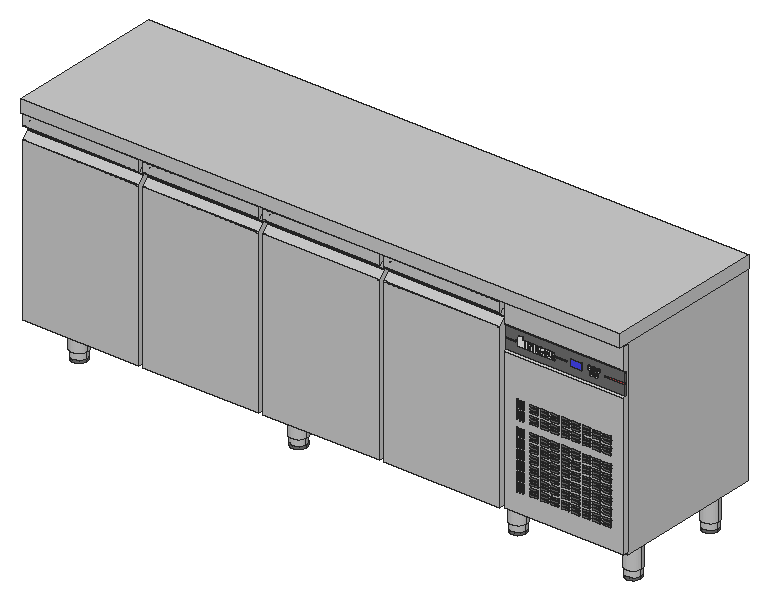
Revit family "QF_INOMAK_PMRP9999_250528093421", category Specialty Equipment, Revit 2021 (continued)
Definition of nested family "QF_INOMAK_REF_COUNTERS_DOORS_DRAWERS_35614"
  Definition of nested family "4_Drawers_1-4"
    Automatic sketch dimensions
      plane 7 "Front legs" to Extrusion 5 sketch curve = 10 mm
      Extrusion 5 sketch curve to Extrusion 5 sketch curve = 7 mm
      plane 7 "Front legs" to Extrusion 5 sketch curve = 20 mm  (x2)
      Extrusion 5 sketch curve to Extrusion 5 sketch curve = 46.156 mm
      Extrusion 5 sketch curve to Extrusion 5 sketch curve = 15 mm
      Extrusion 5 sketch curve to Extrusion 5 sketch curve = 5.012 mm
      Extrusion 6 sketch curve to Extrusion 6 sketch curve = 0 mm  (x2)
      Extrusion 6 sketch curve to plane 7 "Front legs" = 0 mm
      plane 7 "Front legs" to Extrusion 6 sketch curve = 3 mm
      plane 7 "Front legs" to Extrusion 6 sketch curve = 3.461 mm
      plane 7 "Front legs" to Extrusion 6 sketch curve = 10 mm
      Extrusion 6 sketch curve to Extrusion 6 sketch curve = 7 mm
      plane 7 "Front legs" to Extrusion 6 sketch curve = 20 mm  (x2)
      Extrusion 6 sketch curve to Extrusion 6 sketch curve = 46.156 mm
      Extrusion 6 sketch curve to Extrusion 6 sketch curve = 15 mm
      Extrusion 6 sketch curve to Extrusion 6 sketch curve = 5.012 mm
      curve 14 to plane 11 "Right panel" = 0 mm
      curve 8 to plane 11 "Right panel" = 0 mm
      curve 2 to plane 11 "Right panel" = 0 mm
      curve 21 to plane 11 "Right panel" = 0 mm
      curve 20 to plane 10 "Left panel" = 0 mm
      curve 23 to plane 5 "Front" = 0 mm
      curve 24 to plane 5 "Front" = 0 mm
      curve 21 to plane 5 "Front" = 105 mm
      curve 20 to curve 21 = 40 mm
      curve 3 to curve 20 = 100 mm
      curve 3 to curve 3 = 40 mm
      curve 10 to curve 1 = 100 mm
      curve 9 to curve 9 = 40 mm
      curve 15 to curve 8 = 100 mm
      curve 15 to curve 15 = 40 mm
      plane 11 "Right panel" to curve 24 = 30 mm
      curve 8 to curve 17 = 30 mm
      curve 11 to curve 17 = 0 mm
      curve 23 to plane 10 "Left panel" = 30 mm
      curve 12 to curve 6 = 0 mm
      curve 18 to curve 12 = 0 mm
      Extrusion 4 sketch curve to Extrusion 4 sketch curve = 0 mm  (x2)
      plane 19 to Extrusion 4 sketch curve = 0 mm
      Extrusion 4 sketch curve to plane 7 "Front legs" = 0 mm  (x2)
      plane 7 "Front legs" to Extrusion 4 sketch curve = 3 mm
      plane 7 "Front legs" to Extrusion 4 sketch curve = 3.461 mm
      plane 7 "Front legs" to Extrusion 4 sketch curve = 10 mm
      Extrusion 4 sketch curve to Extrusion 4 sketch curve = 7 mm
      plane 7 "Front legs" to Extrusion 4 sketch curve = 20 mm  (x2)
      Extrusion 4 sketch curve to Extrusion 4 sketch curve = 46.156 mm
      Extrusion 4 sketch curve to Extrusion 4 sketch curve = 15 mm
      Extrusion 4 sketch curve to Extrusion 4 sketch curve = 5.012 mm
      Extrusion 7 sketch curve to plane 10 "Left panel" = 0 mm
      Extrusion 7 sketch curve to plane 11 "Right panel" = 0 mm
      Extrusion 7 sketch curve to plane 7 "Front legs" = 0 mm
      Extrusion 7 sketch curve to plane 5 "Front" = 565 mm
      Extrusion 8 sketch curve to plane 10 "Left panel" = 0 mm
      Extrusion 8 sketch curve to plane 11 "Right panel" = 0 mm
      Extrusion 8 sketch curve to plane 7 "Front legs" = 0 mm
      Extrusion 8 sketch curve to plane 5 "Front" = 565 mm
      curve 6 to plane 10 "Left panel" = 30 mm
      curve 5 to curve 24 = 0 mm
  Definition of nested family "Hinged_Doors"
    Parameters (values of type "Hinged doors")
      URL = "www.specifiglobal.com"
      Top inset [instance] = 4 mm
      Right panel thickness [instance] = 35 mm
      Rear inset [instance] = 10 mm
      Plinth height [instance] = 150 mm
      Model = ""
      Manufacturer = "DEMO CONSULTANT"
      Length Actual [instance] = 1200 mm
      Left panel thickness [instance] = 35 mm
      Hinged doors [instance] = Doors drawers type = 3  # yes
      Height Actual [instance] = 900 mm
      Front inset [instance] = 10 mm
      Finish [instance] = none
      Doors drawers type [instance] = 3
      Description = ""
      Depth Actual [instance] = 700 mm
      Default Elevation = 0 mm
      Bottom inset [instance] = 4 mm
      Assembly Code = "E1090320"
    Reference planes
      plane 1 "Back": y = 0
      plane 2: z = 0
      plane 3 "Left": x = 0
      plane 4 "Right": x = 1200
      plane 5 "Front": y = -700
      plane 6 "Top": z = 1050
      plane 7 "Front legs": y = -690
      plane 8 "Legs top": z = 150
      plane 9 "Backsplash thickness": y = -10
      plane 10: x = 35
      plane 11: x = 1165
      plane 12 "Center Left-Right": x = 600
      plane 13: x = 597.5
      plane 14: x = 602.5
      plane 15: z = 154
      plane 16: z = 1046
    Forms (mm)
      Extrusion 1, solid, material <- "Finish", visible <- "Hinged doors"
        sketch origin (35, -2307.849, 4000) x (0, -1, 0) y (0, 0, 1)
          loop
            line (-1627.849, -2954) -> (-1637.849, -2954) -> (-1637.849, -3846) -> (-1617.849, -3846) -> (-1617.849, -3010.156)
            arc (-1617.849, -3010.156) -> (-1618.734, -3004.272) -> (-1621.31, -2998.91) r 20
            line (-1621.31, -2998.91) -> (-1634.849, -2979) -> (-1634.849, -2957) -> (-1627.849, -2957)
            arc (-1627.849, -2957) -> (-1622.899, -2959.05) -> (-1620.849, -2964) r 7
            line (-1620.849, -2964) -> (-1620.849, -2969.012) -> (-1617.849, -2969.012) -> (-1617.849, -2964)
            arc (-1617.849, -2964) -> (-1620.778, -2956.929) -> (-1627.849, -2954) r 10
        from 0 to -562.5
      Extrusion 2, solid, visible <- "Hinged doors", detail levels coarse
        sketch origin (0, -700, 154) x (-1, 0, 0) y (0, 1, 0)
          loop
            line (-35, 10) -> (-597.5, 10)
            arc (-597.5, 10) -> (-432.748, -387.748) -> (-35, -552.5) r 562.5
            line (-35, -552.5) -> (-35, 10)
        from 0 to -892
      Extrusion 3, solid, material <- "Finish", visible <- "Hinged doors"
        sketch origin (1165, -2312.576, 4000) x (0, -1, 0) y (0, 0, 1)
          loop
            line (-1632.576, -2954) -> (-1642.576, -2954) -> (-1642.576, -3846) -> (-1622.576, -3846) -> (-1622.576, -3010.156)
            arc (-1622.576, -3010.156) -> (-1623.46, -3004.272) -> (-1626.037, -2998.91) r 20
            line (-1626.037, -2998.91) -> (-1639.576, -2979) -> (-1639.576, -2957) -> (-1632.576, -2957)
            arc (-1632.576, -2957) -> (-1627.626, -2959.05) -> (-1625.576, -2964) r 7
            line (-1625.576, -2964) -> (-1625.576, -2969.012) -> (-1622.576, -2969.012) -> (-1622.576, -2964)
            arc (-1622.576, -2964) -> (-1625.504, -2956.929) -> (-1632.576, -2954) r 10
        from 0 to 562.5
      Extrusion 4, solid, visible <- "Hinged doors", detail levels coarse
        sketch origin (0, -700, 154) x (-1, 0, 0) y (0, 1, 0)
          loop
            line (-1165, 10) -> (-1165, -552.5)
            arc (-1165, -552.5) -> (-767.252, -387.748) -> (-602.5, 10) r 562.5
            line (-602.5, 10) -> (-1165, 10)
        from 0 to -892
    Lines and regions (mm)
      symbolic lines, visible <- "Hinged doors"
        curve 1: line (35, -700, 150) -> (35, -1252.5, 150)
        curve 2: arc (35, -1252.5, 150) -> (429.196, -1091.268, 150) -> (597.411, -700, 150) r 562.5
        curve 3: arc (602.589, -700, 150) -> (770.804, -1091.268, 150) -> (1165, -1252.5, 150) r 562.5
        curve 4: line (1165, -1252.5, 150) -> (1165, -700, 150)
    Dimensions and locks
      "Length Actual": plane 3 "Left" to plane 4 "Right"
      "Depth Actual": plane 5 "Front" to plane 1 "Back"
      "Height Actual": plane 6 "Top" to plane 8 "Legs top"
      "Front inset": plane 7 "Front legs" to plane 5 "Front"
      "Plinth height": plane 8 "Legs top" to plane 2
      "Rear inset": plane 9 "Backsplash thickness" to plane 1 "Back"
      "Right panel thickness": plane 11 to plane 4 "Right"
      "Left panel thickness": plane 3 "Left" to plane 10
      equal spacing: plane 10, plane 12 "Center Left-Right", plane 11
      plane 13 to plane 12 "Center Left-Right" = 2.5 mm
      plane 12 "Center Left-Right" to plane 14 = 2.5 mm
      "Bottom inset": plane 15 to plane 8 "Legs top"
      "Top inset": plane 16 to plane 6 "Top"
      aligned and locked: level to plane 2
      aligned and locked: Extrusion 1 to plane 13
      aligned and locked: plane 10 to Extrusion 2 sketch curve
      aligned and locked: plane 13 to Extrusion 2 sketch curve
      aligned and locked: plane 7 "Front legs" to Extrusion 2 sketch curve  (x2)
      aligned and locked: plane 14 to Extrusion 3
      aligned and locked: Extrusion 2 to curve 1
      aligned and locked: curve 2 to Extrusion 2
      aligned and locked: curve 3 to Extrusion 4
      aligned and locked: curve 4 to Extrusion 4
      aligned and locked: plane 5 "Front" to curve 1
      aligned and locked: plane 5 "Front" to curve 2
      aligned and locked: plane 5 "Front" to curve 3
      aligned and locked: plane 5 "Front" to curve 4
      aligned and locked: Extrusion 4 to plane 16
      aligned and locked: Extrusion 2 to plane 16
      aligned and locked: Extrusion 1 sketch curve to plane 16
      aligned and locked: Extrusion 1 sketch curve to plane 15
      aligned and locked: Extrusion 3 sketch curve to plane 15
      aligned and locked: Extrusion 3 sketch curve to plane 16
    Automatic sketch dimensions
      Extrusion 1 sketch curve to Extrusion 1 sketch curve = 0 mm  (x2)
      Extrusion 1 sketch curve to plane 7 "Front legs" = 0 mm  (x2)
      plane 7 "Front legs" to Extrusion 1 sketch curve = 3 mm
      plane 7 "Front legs" to Extrusion 1 sketch curve = 3.461 mm
      plane 7 "Front legs" to Extrusion 1 sketch curve = 10 mm
      Extrusion 1 sketch curve to Extrusion 1 sketch curve = 7 mm
      plane 7 "Front legs" to Extrusion 1 sketch curve = 20 mm  (x2)
      Extrusion 1 sketch curve to Extrusion 1 sketch curve = 46.156 mm
      Extrusion 1 sketch curve to Extrusion 1 sketch curve = 15 mm
      Extrusion 1 sketch curve to Extrusion 1 sketch curve = 5.012 mm
      Extrusion 3 sketch curve to Extrusion 3 sketch curve = 0 mm  (x2)
      Extrusion 3 sketch curve to plane 7 "Front legs" = 0 mm  (x2)
      Extrusion 3 sketch curve to Extrusion 3 sketch curve = 3 mm
      plane 7 "Front legs" to Extrusion 3 sketch curve = 3.461 mm
      plane 7 "Front legs" to Extrusion 3 sketch curve = 10 mm
      Extrusion 3 sketch curve to Extrusion 3 sketch curve = 7 mm
      Extrusion 3 sketch curve to Extrusion 3 sketch curve = 16.539 mm
      Extrusion 3 sketch curve to Extrusion 3 sketch curve = 20 mm
      Extrusion 3 sketch curve to Extrusion 3 sketch curve = 46.156 mm
      Extrusion 3 sketch curve to Extrusion 3 sketch curve = 15 mm
      Extrusion 3 sketch curve to Extrusion 3 sketch curve = 5.012 mm
      Extrusion 4 sketch curve to plane 11 = 0 mm
      Extrusion 4 sketch curve to plane 7 "Front legs" = 0 mm
      Extrusion 4 sketch curve to plane 14 = 0 mm
  Definition of nested family "Hopper"
    Parameters (values of type "Hopper")
      URL = "www.specifiglobal.com"
      Top inset [instance] = 4 mm
      Right panel thickness [instance] = 35 mm
      Rear inset [instance] = 10 mm
      Plinth height [instance] = 150 mm
      Model = ""
      Manufacturer = "DEMO CONSULTANT"
      Length Actual [instance] = 700 mm
      Left panel thickness [instance] = 35 mm
      Hopper [instance] = Doors drawers type = 10  # yes
      Height Actual [instance] = 900 mm
      Front inset [instance] = 10 mm
      Finish [instance] = none
      Doors drawers type [instance] = 10
      Description = ""
      Depth Actual [instance] = 700 mm
      Default Elevation = 0 mm
      Bottom inset [instance] = 4 mm
      Assembly Code = "E1090320"
      2 Drawers = yes
    Reference planes
      plane 1 "Back": y = 0
      plane 2: z = 0
      plane 3 "Left": x = 0
      plane 4 "Right": x = 700
      plane 5 "Front": y = -700
      plane 6 "Top": z = 1050
      plane 7 "Front legs": y = -690
      plane 8 "Legs top": z = 150
      plane 9 "Backsplash thickness": y = -10
      plane 10 "Left panel": x = 35
      plane 11 "Right panel": x = 665
      plane 12: z = 1046
      plane 13: z = 154
    Forms (mm)
      Extrusion 1, solid, material <- "Finish", visible <- "Hopper"
        sketch origin (35, 0, 0) x (0, -1, 0) y (0, 0, 1)
          loop
            line (690, 154) -> (690, 960.365)
            arc (690, 960.365) -> (689.866, 961.037) -> (689.485, 961.607) r 1.757
            line (689.485, 961.607) -> (666.663, 984.429)
            arc (666.663, 984.429) -> (665.976, 985.458) -> (665.734, 986.672) r 3.172
            line (665.734, 986.672) -> (665.734, 1013.576)
            arc (665.734, 1013.576) -> (666.433, 1015.262) -> (668.119, 1015.961) r 2.385
            line (668.119, 1015.961) -> (680.029, 1015.961) -> (686.544, 1006.657)
            arc (686.544, 1006.657) -> (688.671, 1005.935) -> (690, 1007.747) r 1.9
            line (690, 1007.747) -> (690, 1046) -> (648, 1046) -> (648, 154) -> (690, 154)
        from 0 to -630
      Extrusion 2, solid, visible <- "Hopper", detail levels coarse
        sketch origin (35, 0, 0) x (0, -1, 0) y (0, 0, 1)
          loop
            line (690, 154) -> (1265, 154) -> (1265, 1046) -> (690, 1046) -> (690, 154)
        from 0 to -630
    Lines and regions (mm)
      symbolic lines, visible <- "Hopper"
        curve 1: line (35, -1225, 900) -> (35, -1265, 900)
        curve 2: line (35, -1265, 900) -> (665, -1265, 900)
        curve 3: line (665, -1265, 900) -> (665, -1225, 900)
        curve 4: line (665, -1225, 900) -> (35, -1225, 900)
        curve 5: line (635, -1225, 900) -> (635, -700, 900)
        curve 6: line (65, -1225, 900) -> (65, -700, 900)
    Dimensions and locks
      "Length Actual": plane 3 "Left" to plane 4 "Right"
      "Depth Actual": plane 5 "Front" to plane 1 "Back"
      "Height Actual": plane 6 "Top" to plane 8 "Legs top"
      "Front inset": plane 7 "Front legs" to plane 5 "Front"
      "Plinth height": plane 8 "Legs top" to plane 2
      "Rear inset": plane 9 "Backsplash thickness" to plane 1 "Back"
      "Right panel thickness": plane 11 "Right panel" to plane 4 "Right"
      "Left panel thickness": plane 3 "Left" to plane 10 "Left panel"
      "Top inset": plane 12 to plane 6 "Top"
      "Bottom inset": plane 13 to plane 8 "Legs top"
      aligned and locked: level to plane 2
      aligned and locked: Extrusion 1 to plane 11 "Right panel"
      aligned and locked: Extrusion 2 to plane 11 "Right panel"
      aligned and locked: plane 10 "Left panel" to Extrusion 2
      aligned and locked: Extrusion 1 sketch curve to plane 12
      aligned and locked: Extrusion 1 sketch curve to Extrusion 2
      aligned and locked: Extrusion 1 sketch curve to plane 13
    Automatic sketch dimensions
      Extrusion 1 sketch curve to Extrusion 1 sketch curve = 17.734 mm
      Extrusion 1 sketch curve to Extrusion 1 sketch curve = 0.929 mm
      Extrusion 1 sketch curve to Extrusion 1 sketch curve = 2.385 mm
      Extrusion 1 sketch curve to Extrusion 1 sketch curve = 3.172 mm
      Extrusion 1 sketch curve to Extrusion 1 sketch curve = 11.91 mm
      Extrusion 1 sketch curve to Extrusion 1 sketch curve = 6.515 mm
      Extrusion 1 sketch curve to Extrusion 1 sketch curve = 1.556 mm
      Extrusion 1 sketch curve to Extrusion 1 sketch curve = 21.58 mm
      Extrusion 1 sketch curve to Extrusion 1 sketch curve = 1.242 mm
      Extrusion 1 sketch curve to Extrusion 1 sketch curve = 1.9 mm
      Extrusion 1 sketch curve to Extrusion 1 sketch curve = 0.515 mm
      Extrusion 1 sketch curve to Extrusion 1 sketch curve = 22.822 mm
      Extrusion 1 sketch curve to Extrusion 1 sketch curve = 19.985 mm
      Extrusion 1 sketch curve to Extrusion 1 sketch curve = 6.919 mm
      Extrusion 1 sketch curve to Extrusion 1 sketch curve = 30.039 mm
      Extrusion 2 sketch curve to plane 7 "Front legs" = 0 mm
      plane 13 to Extrusion 2 sketch curve = 0 mm
      plane 12 to Extrusion 2 sketch curve = 0 mm
      Extrusion 2 sketch curve to plane 5 "Front" = 565 mm
      curve 1 to plane 10 "Left panel" = 0 mm
      curve 2 to plane 11 "Right panel" = 0 mm
      curve 6 to plane 5 "Front" = 0 mm
      curve 5 to plane 5 "Front" = 0 mm
      curve 4 to plane 5 "Front" = 525 mm
      curve 3 to curve 3 = 40 mm
      plane 11 "Right panel" to curve 5 = 30 mm
      curve 6 to plane 10 "Left panel" = 30 mm
Definition of nested family "QF_INOMAK_REF_COUNTERS_WORKTOPS_45085"
  Parameters (values of type "WTWA-1545-700")
    Worktop without backsplash [instance] = Worktop type = 3  # no
    Worktop with backsplash [instance] = Worktop type = 2  # yes
    Worktop type [instance] = 2
    Worktop thickness [instance] = 46 mm
    Without worktop [instance] = or(Worktop type > 3, Worktop type < 2)  # no
    Weight [instance] = 0.00 kg
    Warranty Start Date [instance] = ""
    Warranty Duration [instance] = ""
    URL Cutsheet [instance] = ""
    URL = "www.inomak.com"
    Technical Documentation [instance] = ""
    Tag Number [instance] = ""
    Status [instance] = ""
    Specification by User [instance] = ""
    Specification by Manufacturer [instance] = ""
    Sound Level [instance] = ""
    Solid Fuel Type [instance] = ""
    Show Logo [instance] = yes
    Show Clearances [instance] = yes
    Service Life Duration [instance] = ""
    Serial Number [instance] = ""
    Seismic Rating [instance] = ""
    SMACNA No [instance] = ""
    Revision Code [instance] = ""
    Revision [instance] = ""
    Production Year [instance] = ""
    Point Load [instance] = 0
    Other Equipment Approvals [instance] = ""
    NAFEM Spec ID Number [instance] = ""
    Model Warning [instance] = ""
    Model = "WTWA"
    Masterspec [instance] = ""
    Manufacturer = "INOMAK"
    Length Actual [instance] = 1546 mm
    Item Number [instance] = ""
    Installed By [instance] = ""
    Installation Date [instance] = ""
    Identify Quantity as Lot [instance] = yes
    ID [instance] = ""
    Hygiene Approval [instance] = ""
    Height Actual [instance] = 0 mm
    Height AFF [instance] = 0 mm
    Furnished By [instance] = ""
    Foodservice Equipment Identifier [instance] = yes
    Finish [instance] = none
    ETL Approved [instance] = yes
    Description = "WORKTOP WITH UPSTAND"
    Depth Actual [instance] = 700 mm
    Default Elevation = 0 mm
    CSI MasterFormat [instance] = ""
    CE Approved [instance] = yes
    Barcode [instance] = ""
    Backsplash thickness [instance] = 20 mm
    Backsplash height [instance] = 60 mm
    Author [instance] = ""
    Asset Identifier [instance] = ""
    Assembly Code = "E1090320"
    Accessory [instance] = yes
  Types (40, lengths in mm): name | Worktop without backsplash | Worktop with backsplash | Worktop type | Worktop thickness | Without worktop | Model | Length Actual | Description | Depth Actual
    WTWT-2240-700 | yes | no | 3 | 46 | no | "WTWT" | 2242 | "STANDARD WORKTOP" | 700
    WTWA-2240-700 | no | yes | 2 | 46 | no | "WTWA" | 2242 | "WORKTOP WITH UPSTAND" | 700
    WOWT-2240-700 | no | no | 1 | 46 | yes | "WOWT" | 2242 | "WITHOUT WORKTOP" | 700
    WTWA-1790-700 | no | yes | 2 | 46 | no | "WTWA" | 1792 | "WORKTOP WITH UPSTAND" | 700
    WTWA-1345-700 | no | yes | 2 | 46 | no | "WTWA" | 1342 | "WORKTOP WITH UPSTAND" | 700
    WOWT-1790-700 | no | no | 1 | 46 | yes | "WOWT" | 1792 | "WITHOUT WORKTOP" | 700
    WOWT-1345-700 | no | no | 1 | 46 | yes | "WOWT" | 1342 | "WITHOUT WORKTOP" | 700
    WTWT-1790-700 | yes | no | 3 | 46 | no | "WTWT" | 1792 | "STANDARD WORKTOP" | 700
    WTWT-1345-700 | yes | no | 3 | 46 | no | "WTWT" | 1342 | "STANDARD WORKTOP" | 700
    WTWA-1080-700 | no | yes | 2 | 46 | no | "WTWA" | 1080 | "WORKTOP WITH UPSTAND" | 700
    WTWT-1080-700 | yes | no | 3 | 46 | no | "WTWT" | 1080 | "STANDARD WORKTOP" | 700
    WTWA-1080-700-80 | no | yes | 2 | 80 | no | "WTWA-80" | 1080 | "WORKTOP WITH UPSTAND, 80CM DEEP WORKTOP" | 700
    WTWT-1080-700-80 | yes | no | 3 | 80 | no | "WTWT-80" | 1080 | "WORKTOP WITH 80CM DEEP" | 700
    WOWT-1345-600 | no | no | 1 | 46 | yes | "WOWT" | 1342 | "WITHOUT WORKTOP" | 600
    WOWT-1790-600 | no | no | 1 | 46 | yes | "WOWT" | 1792 | "WITHOUT WORKTOP" | 600
    WOWT-2240-600 | no | no | 1 | 46 | yes | "WOWT" | 2242 | "WITHOUT WORKTOP" | 600
    WTWA-1345-600 | no | yes | 2 | 46 | no | "WTWA" | 1342 | "WORKTOP WITH UPSTAND" | 600
    WTWA-1790-600 | no | yes | 2 | 46 | no | "WTWA" | 1792 | "WORKTOP WITH UPSTAND" | 600
    WTWA-2240-600 | no | yes | 2 | 46 | no | "WTWA" | 2242 | "WORKTOP WITH UPSTAND" | 600
    WTWT-1345-600 | yes | no | 3 | 46 | no | "WTWT" | 1342 | "STANDARD WORKTOP" | 600
    WTWT-1790-600 | yes | no | 3 | 46 | no | "WTWT" | 1792 | "STANDARD WORKTOP" | 600
    WTWT-2240-600 | yes | no | 3 | 46 | no | "WTWT" | 2242 | "STANDARD WORKTOP" | 600
    WOWT-1105-700 | no | no | 1 | 46 | yes | "WOWT" | 1103 | "WITHOUT WORKTOP" | 700
    WTWA-1105-700 | no | yes | 2 | 46 | no | "WTWA" | 1103 | "WORKTOP WITH UPSTAND" | 700
    WTWT-1105-700 | yes | no | 3 | 46 | no | "WTWT" | 1103 | "STANDARD WORKTOP" | 700
    WOWT-1545-700 | no | no | 1 | 46 | yes | "WOWT" | 1546 | "WITHOUT WORKTOP" | 700
    WOWT-1995-700 | no | no | 1 | 46 | yes | "WOWT" | 1996 | "WITHOUT WORKTOP" | 700
    WTWA-1545-700 | no | yes | 2 | 46 | no | "WTWA" | 1546 | "WORKTOP WITH UPSTAND" | 700
    WTWA-1995-700 | no | yes | 2 | 46 | no | "WTWA" | 1996 | "WORKTOP WITH UPSTAND" | 700
    WTWT-1545-700 | yes | no | 3 | 46 | no | "WTWT" | 1546 | "STANDARD WORKTOP" | 700
    WTWT-1995-700 | yes | no | 3 | 46 | no | "WTWT" | 1996 | "STANDARD WORKTOP" | 700
    WTWA-1105-600 | no | yes | 2 | 46 | no | "WTWA" | 1103 | "WORKTOP WITH UPSTAND" | 600
    WTWT-1105-600 | yes | no | 3 | 46 | no | "WTWT" | 1103 | "STANDARD WORKTOP" | 600
    WOWT-1105-600 | no | no | 1 | 46 | yes | "WOWT" | 1103 | "WITHOUT WORKTOP" | 600
    WOWT-1545-600 | no | no | 1 | 46 | yes | "WOWT" | 1546 | "WITHOUT WORKTOP" | 600
    WTWA-1545-600 | no | yes | 2 | 46 | no | "WTWA" | 1546 | "WORKTOP WITH UPSTAND" | 600
    WTWT-1545-600 | yes | no | 3 | 46 | no | "WTWT" | 1546 | "STANDARD WORKTOP" | 600
    WTWT-1995-600 | yes | no | 3 | 46 | no | "WTWT" | 1996 | "STANDARD WORKTOP" | 600
    WTWA-1995-600 | no | yes | 2 | 46 | no | "WTWA" | 1996 | "WORKTOP WITH UPSTAND" | 600
    WOWT-1995-600 | no | no | 1 | 46 | yes | "WOWT" | 1996 | "WITHOUT WORKTOP" | 600
  Reference planes
    plane 1 "Back": y = 0
    plane 2: z = 0
    plane 3 "Left": x = 0
    plane 4 "Right": x = 1546
    plane 5 "Front": y = -700
    plane 6 "Top": z = 46
    plane 7 "Backsplash thickness": y = -20
    plane 8 "Worktop bottom": z = 0
    plane 9 "Upright height": z = 106
    plane 10 "Center Left Right": x = 773
  Lines and regions (mm)
    reference lines
      curve 1: line (773, 0, 106) -> (773, -20, 106)
      curve 2: line (0, -700, 46) -> (1546, -700, 46)
      curve 3: line (1546, -700, 46) -> (1546, 0, 46)
      curve 4: line (0, -700, 46) -> (0, 0, 46)
      curve 5: line (0, 0, 46) -> (1546, 0, 46)
      curve 6: line (773, 0, 0) -> (773, -700, 0)
  Dimensions and locks
    "Length Actual": plane 3 "Left" to plane 4 "Right"
    "Depth Actual": plane 5 "Front" to plane 1 "Back"
    "Backsplash thickness": plane 7 "Backsplash thickness" to plane 1 "Back"
    "Worktop thickness": plane 6 "Top" to plane 8 "Worktop bottom"
    "Backsplash height": plane 9 "Upright height" to plane 6 "Top"
    "Backsplash height": curve 1 to plane 6 "Top"
    "Depth Actual": curve 2 to plane 1 "Back"
    "Length Actual": plane 3 "Left" to curve 3
    "Length Actual": curve 4 to plane 4 "Right"
    "Depth Actual": curve 5 to plane 5 "Front"
    equal spacing: plane 3 "Left", plane 10 "Center Left Right", plane 4 "Right"
    "Height AFF": plane 8 "Worktop bottom" to plane 2
    "Height AFF": curve 6 to plane 2
    aligned and locked: level to plane 2
    aligned and locked: plane 3 "Left" to nested 1
    aligned and locked: plane 1 "Back" to nested 1
  Automatic sketch dimensions
    curve 6 to plane 1 "Back" = 0 mm
    curve 1 to plane 1 "Back" = 0 mm
    curve 1 to plane 7 "Backsplash thickness" = 0 mm
    curve 6 to plane 5 "Front" = 0 mm
  Nested families
    nested 1: "Worktop" at (0, 0, 0), Length Actual <- "Length Actual", Depth Actual <- "Depth Actual", Height AFF <- "Height AFF", Worktop thickness <- "Worktop thickness", Backsplash thickness <- "Backsplash thickness", Backsplash height <- "Backsplash height", type "without backsplash"
      with Worktop thickness 46 mm, Length Actual 1546 mm, Height AFF 0 mm, Depth Actual 700 mm, Backsplash thickness 20 mm, Backsplash height 60 mm, Worktop without backsplash no, Worktop with backsplash yes
  Definition of nested family "Worktop"
    Parameters (values of type "with backsplash")
      Worktop without backsplash = no
      Worktop with backsplash = yes
      Worktop thickness [instance] = 40 mm
      Without worktop = no
      URL = ""
      Model = ""
      Manufacturer = ""
      Length Actual [instance] = 1200 mm
      Height AFF [instance] = 860 mm
      Finish = none
      Description = "TABLE WITH BACKSPLASH"
      Depth Actual [instance] = 700 mm
      Default Elevation = 0 mm
      Backsplash thickness [instance] = 20 mm
      Backsplash height [instance] = 100 mm
      Assembly Code = "E1090320"
    Types (3, lengths in mm): name | Worktop without backsplash | Worktop with backsplash | Without worktop
      with backsplash | no | yes | no
      without backsplash | yes | no | no
      without worktop | no | no | yes
    Reference planes
      plane 1 "Back": y = 0
      plane 2: z = 0
      plane 3 "Left": x = 0
      plane 4 "Right": x = 1200
      plane 5 "Front": y = -700
      plane 6 "Top": z = 900
      plane 7 "Backsplash thickness": y = -20
      plane 8 "Worktop bottom": z = 860
      plane 9 "Upright height": z = 1000
      plane 10 "Center Left Right": x = 600
    Forms (mm)
      Extrusion 1, solid, material <- "Finish", visible <- "Worktop with backsplash"
        sketch origin (0, 0, 0) x (0, 1, 0) y (0, 0, 1)
          loop
            line (0, 1000) -> (-20, 1000) -> (-20, 900) -> (-700, 900) -> (-700, 860) -> (0, 860) -> (0, 1000)
        from 0 to 1200
      Extrusion 2, solid, material <- "Finish", visible <- "Worktop without backsplash"
        sketch origin (0, 0, 0) x (0, 1, 0) y (0, 0, 1)
          loop
            line (0, 860) -> (0, 900) -> (-700, 900) -> (-700, 860) -> (0, 860)
        from 0 to 1200
    Lines and regions (mm)
      Masking region 1, visible <- "Worktop with backsplash"
        outline origin (0, 0, 900) x (0, 1, 0) y (-1, 0, 0)
          loop
            line (0, 0) -> (-700, 0) -> (-700, -1200) -> (0, -1200) -> (0, 0)
      Masking region 2, visible <- "Worktop without backsplash"
        outline origin (0, 0, 900) x (0, 1, 0) y (-1, 0, 0)
          loop
            line (0, 0) -> (-700, 0) -> (-700, -1200) -> (0, -1200) -> (0, 0)
      symbolic lines, visible <- "Worktop with backsplash"
        curve 1: line (0, 0, 0) -> (1200, 0, 0)
        curve 2: line (1200, 0, 0) -> (1200, -700, 0)
        curve 3: line (1200, -700, 0) -> (0, -700, 0)
        curve 4: line (0, -700, 0) -> (0, 0, 0)
        curve 5: line (0, -20, 0) -> (1200, -20, 0)
      symbolic lines, visible <- "Worktop without backsplash"
        curve 6: line (0, 0, 0) -> (1200, 0, 0)
        curve 7: line (1200, 0, 0) -> (1200, -700, 0)
        curve 8: line (1200, -700, 0) -> (0, -700, 0)
        curve 9: line (0, -700, 0) -> (0, 0, 0)
      symbolic lines, visible <- "Without worktop"
        curve 10: line (0, 0, 0) -> (1200, 0, 0)
        curve 11: line (1200, 0, 0) -> (1200, -700, 0)
        curve 12: line (1200, -700, 0) -> (0, -700, 0)
        curve 13: line (0, -700, 0) -> (0, 0, 0)
      reference lines
        curve 14: line (600, 0, 1000) -> (600, -20, 1000)
        curve 15: line (0, -700, 900) -> (1200, -700, 900)
        curve 16: line (1200, -700, 900) -> (1200, 0, 900)
        curve 17: line (0, -700, 900) -> (0, 0, 900)
        curve 18: line (0, 0, 900) -> (1200, 0, 900)
        curve 19: line (600, 0, 860) -> (600, -700, 860)
    Dimensions and locks
      "Length Actual": plane 3 "Left" to plane 4 "Right"
      "Depth Actual": plane 5 "Front" to plane 1 "Back"
      "Backsplash thickness": plane 7 "Backsplash thickness" to plane 1 "Back"
      "Worktop thickness": plane 6 "Top" to plane 8 "Worktop bottom"
      "Backsplash height": plane 9 "Upright height" to plane 6 "Top"
      "Backsplash height": curve 14 to plane 6 "Top"
      "Depth Actual": curve 15 to plane 1 "Back"
      "Length Actual": plane 3 "Left" to curve 16
      "Length Actual": curve 17 to plane 4 "Right"
      "Depth Actual": curve 18 to plane 5 "Front"
      equal spacing: plane 3 "Left", plane 10 "Center Left Right", plane 4 "Right"
      "Height AFF": plane 8 "Worktop bottom" to plane 2
      "Height AFF": curve 19 to plane 2
      aligned and locked: level to plane 2
      aligned and locked: Extrusion 1 to plane 4 "Right"
      aligned and locked: Extrusion 1 sketch curve to plane 7 "Backsplash thickness"
      aligned and locked: curve 5 to plane 7 "Backsplash thickness"
      aligned and locked: Extrusion 1 sketch curve to plane 8 "Worktop bottom"
      aligned and locked: plane 9 "Upright height" to Extrusion 1 sketch curve
      aligned and locked: plane 6 "Top" to Extrusion 1 sketch curve
      aligned and locked: plane 6 "Top" to Extrusion 2 sketch curve
      aligned and locked: Extrusion 2 sketch curve to plane 1 "Back"
      aligned and locked: Extrusion 2 sketch curve to plane 8 "Worktop bottom"
      aligned and locked: Extrusion 2 sketch curve to plane 5 "Front"
      aligned and locked: Extrusion 2 to plane 4 "Right"
      aligned and locked: Masking region 1 sketch curve to Extrusion 1  (x4)
      aligned and locked: Masking region 2 sketch curve to Extrusion 1  (x4)
    Automatic sketch dimensions
      plane 1 "Back" to curve 1 = 0 mm
      curve 13 to plane 3 "Left" = 0 mm
      curve 7 to plane 4 "Right" = 0 mm
      curve 13 to plane 5 "Front" = 0 mm
      Extrusion 1 sketch curve to plane 1 "Back" = 0 mm
      Extrusion 1 sketch curve to plane 5 "Front" = 0 mm
      curve 19 to plane 1 "Back" = 0 mm
      curve 14 to plane 1 "Back" = 0 mm
      curve 14 to plane 7 "Backsplash thickness" = 0 mm
      curve 19 to plane 5 "Front" = 0 mm
      curve 16 to plane 5 "Front" = 0 mm
      curve 17 to plane 5 "Front" = 0 mm
      plane 1 "Back" to curve 17 = 0 mm
      plane 1 "Back" to curve 16 = 0 mm
      curve 15 to plane 4 "Right" = 0 mm
      curve 18 to plane 4 "Right" = 0 mm
      curve 18 to plane 3 "Left" = 0 mm
      curve 15 to plane 3 "Left" = 0 mm
Definition of nested family "QF_INOMAK_REF_COUNTERS_LEGS_46914"
  Parameters (values of type "LG-1790-700")
    Weight [instance] = 0.00 kg
    Warranty Start Date [instance] = ""
    Warranty Duration [instance] = ""
    URL Cutsheet [instance] = ""
    URL = "www.inomak.com"
    Technical Documentation [instance] = ""
    Tag Number [instance] = ""
    Status [instance] = ""
    Specification by User [instance] = ""
    Specification by Manufacturer [instance] = ""
    Sound Level [instance] = ""
    Solid Fuel Type [instance] = ""
    Show Logo [instance] = yes
    Show Clearances [instance] = yes
    Service Life Duration [instance] = ""
    Serial Number [instance] = ""
    Seismic Rating [instance] = ""
    SMACNA No [instance] = ""
    Revision Code [instance] = ""
    Revision [instance] = ""
    Production Year [instance] = ""
    Point Load [instance] = 0
    Other Equipment Approvals [instance] = ""
    NAFEM Spec ID Number [instance] = ""
    Model Warning [instance] = ""
    Model = "LG"
    Masterspec [instance] = ""
    Manufacturer = "INOMAK"
    Length Actual [instance] = 1792 mm
    Legs inset right [instance] = 70 mm
    Legs inset rear [instance] = 90 mm
    Legs inset left [instance] = 100 mm
    Legs inset front [instance] = 150 mm
    Item Number [instance] = ""
    Installed By [instance] = ""
    Installation Date [instance] = ""
    Identify Quantity as Lot [instance] = yes
    ID [instance] = ""
    Hygiene Approval [instance] = ""
    Height Actual [instance] = 144 mm
    Furnished By [instance] = ""
    Foodservice Equipment Identifier [instance] = yes
    ETL Approved [instance] = yes
    Description = "STANDARD LEGS"
    Depth Actual [instance] = 700 mm
    Default Elevation = 0 mm
    CentralLegs [instance] = if(Length Actual > 2000 mm, 2 > 1, 2 < 1)  # no
    CSI MasterFormat [instance] = ""
    CE Approved [instance] = yes
    Barcode [instance] = ""
    Author [instance] = ""
    Asset Identifier [instance] = ""
    Assembly Code = "E1090320"
    Accessory [instance] = yes
  Types (8, lengths in mm): name | Length Actual | Height Actual | Depth Actual | CentralLegs
    LG-2240-700 | 2242 | 144 | 700 | yes
    LG-1790-700 | 1792 | 144 | 700 | no
    LG-1345-700 | 1342 | 144 | 700 | no
    LG-1345-600 | 1342 | 144 | 600 | no
    LG-1790-600 | 1792 | 144 | 600 | no
    LG-2240-600 | 2242 | 144 | 600 | yes
    LG-1790-700-BC | 1792 | 115 | 700 | no
    LG-2240-700-BC | 2242 | 115 | 700 | yes
  Reference planes
    plane 1 "Back": y = 0
    plane 2: z = 0
    plane 3 "Left": x = 0
    plane 4 "Right": x = 1792
    plane 5 "Front": y = -700
    plane 6 "Top": z = 144
    plane 7 "Left offset": x = 100
    plane 8 "Right offset": x = 1722
    plane 9 "Rear offset": y = -90
    plane 10 "Front offset": y = -550
    plane 11 "Central": x = 696
    plane 12: x = 1292
  Dimensions and locks
    "Length Actual": plane 3 "Left" to plane 4 "Right"
    "Depth Actual": plane 5 "Front" to plane 1 "Back"
    "Legs inset left": plane 3 "Left" to plane 7 "Left offset"
    "Legs inset right": plane 8 "Right offset" to plane 4 "Right"
    "Legs inset rear": plane 9 "Rear offset" to plane 1 "Back"
    "Legs inset front": plane 10 "Front offset" to plane 5 "Front"
    "Height Actual": plane 6 "Top" to plane 2
    equal spacing: plane 12, plane 11 "Central", plane 7 "Left offset"
    locked: plane 12 to plane 8 "Right offset" at 430
    aligned and locked: level to plane 2
    aligned and locked: nested 6 to plane 11 "Central"
    aligned and locked: nested 6 to plane 10 "Front offset"
    aligned and locked: nested 7 to plane 7 "Left offset"
    aligned and locked: nested 7 to plane 10 "Front offset"
    aligned and locked: nested 5 to plane 12
    aligned and locked: nested 5 to plane 10 "Front offset"
    aligned and locked: nested 4 to plane 8 "Right offset"
    aligned and locked: nested 4 to plane 10 "Front offset"
    aligned and locked: nested 1 to plane 7 "Left offset"
    aligned and locked: nested 1 to plane 9 "Rear offset"
    aligned and locked: nested 2 to plane 12
    aligned and locked: nested 2 to plane 9 "Rear offset"
    aligned and locked: nested 3 to plane 8 "Right offset"
    aligned and locked: nested 3 to plane 9 "Rear offset"
  Nested families
    nested 1: "QF_INOMAK_LEG" at (100, -90, 0), type "QF_INOMAK_LEG"
      with Height 144 mm
    nested 2: "QF_INOMAK_LEG" at (1292, -90, 0), type "QF_INOMAK_LEG"
      with Height 144 mm
    nested 3: "QF_INOMAK_LEG" at (1722, -90, 0), type "QF_INOMAK_LEG"
      with Height 144 mm
    nested 4: "QF_INOMAK_LEG" at (1722, -550, 0), type "QF_INOMAK_LEG"
      with Height 144 mm
    nested 5: "QF_INOMAK_LEG" at (1292, -550, 0), type "QF_INOMAK_LEG"
      with Height 144 mm
    nested 6: "QF_INOMAK_LEG" at (696, -550, 0), visible <- "CentralLegs", type "QF_INOMAK_LEG"
      with Height 144 mm
    nested 7: "QF_INOMAK_LEG" at (100, -550, 0), type "QF_INOMAK_LEG"
      with Height 144 mm
  Definition of nested family "QF_INOMAK_LEG"
    Parameters (values of type "QF_INOMAK_LEG")
      Height = 115 mm
      Default Elevation = 0 mm
    Reference planes
      plane 1 "Center (Front/Back)": y = 0
      plane 2: z = 0
      plane 3 "Center (Left/Right)": x = 0
      plane 4 "Top": z = 115
    Forms (mm)
      Extrusion 1, solid
        sketch origin (0, 0, 115) x (0, 1, 0) y (-1, 0, 0)
          loop
            line (50, 45) -> (-50, 45) -> (-50, -45) -> (50, -45) -> (50, 45)
        from 0 to -3
      Extrusion 2, solid
        sketch origin (-199.986, 580, 0) x (1, 0, 0) y (0, 1, 0)
          loop
            circle (199.986, -580) r 28
        from 9 to 35
      Extrusion 3, solid
        sketch origin (-199.986, 580, 0) x (1, 0, 0) y (0, 1, 0)
          loop
            circle (199.986, -580) r 28.5
        from 0 to 9
      Sweep 4, solid
        path origin (0, 0, 0) x (0, 1, 0) y (0, 0, 1)
          loop
            line (0, 112) -> (0, 35)
        profile origin (0, 0, 73.5) x (1, 0, 0) y (0, 1, 0)
          loop
            circle (0, 0) r 32
    Dimensions and locks
      "Height": plane 4 "Top" to plane 2
      aligned and locked: level to plane 2
    Automatic sketch dimensions
      plane 1 "Center (Front/Back)" to Extrusion 1 sketch curve = 50 mm
      Extrusion 1 sketch curve to plane 1 "Center (Front/Back)" = 50 mm
      plane 3 "Center (Left/Right)" to Extrusion 1 sketch curve = 45 mm
      Extrusion 1 sketch curve to plane 3 "Center (Left/Right)" = 45 mm
      plane 1 "Center (Front/Back)" to Extrusion 2 sketch curve = 0 mm
      Extrusion 2 sketch curve to plane 3 "Center (Left/Right)" = 0 mm
      plane 1 "Center (Front/Back)" to Extrusion 3 sketch curve = 0 mm
      Extrusion 3 sketch curve to plane 3 "Center (Left/Right)" = 0 mm
      Sweep 4 sketch curve to plane 1 "Center (Front/Back)" = 0 mm
      level to Sweep 4 sketch curve = 35 mm
      Sweep 4 sketch curve to plane 4 "Top" = 3 mm
      Sweep 4 sketch curve to plane 3 "Center (Left/Right)" = 0 mm
      profile plane to Sweep 4 sketch curve = 0 mm
      radius of Extrusion 2 sketch curve = 28 mm
      radius of Extrusion 3 sketch curve = 28.5 mm
      radius of Sweep 4 sketch curve = 32 mm
Definition of nested family "CONN_POINT_DRAIN_2D___Generic_Annotation"
  Parameters (values of type "CONN_POINT_DRAIN_2D___Generic_Annotation")
    Onboard connection annotation symbol visibility [instance] = yes
  Reference planes
    plane 1: y = 0
    plane 2: x = 0
  Lines and regions (mm)
    detail lines, visible <- "Onboard connection annotation symbol visibility"
      curve 1: circle (0, 0, 0) r 0.5 normal (0, 0, 1)
      curve 2: line (-1, 0, 0) -> (1, 0, 0)
      curve 3: line (0, 1, 0) -> (0, -1, 0)
      curve 4: line (1.776, 1, 0) -> (1.25, 1, 0)
      curve 5: line (1.25, 1, 0) -> (1.25, -1, 0)
      curve 6: line (1.25, -1, 0) -> (1.776, -1, 0)
      curve 7: arc (2.206, -0.862, 0) -> (2.459, -0.589, 0) -> (2.583, -0.238, 0) r 0.918
      curve 8: arc (2.583, 0.238, 0) -> (2.459, 0.589, 0) -> (2.206, 0.862, 0) r 0.918
      curve 9: arc (2.583, -0.238, 0) -> (2.599, 0, 0) -> (2.583, 0.238, 0) r 1.77
      curve 10: arc (2.206, 0.862, 0) -> (2.002, 0.965, 0) -> (1.776, 1, 0) r 0.741
      curve 11: arc (1.776, -1, 0) -> (2.002, -0.965, 0) -> (2.206, -0.862, 0) r 0.741
Definition of nested family "CONN_POINT_ELE_2D___Generic_Annotation"
  Parameters (values of type "CONN_POINT_ELE_2D___Generic_Annotation")
    Onboard connection annotation symbol visibility [instance] = yes
  Reference planes
    plane 1: y = 0
    plane 2: x = 0
  Lines and regions (mm)
    detail lines, visible <- "Onboard connection annotation symbol visibility"
      curve 1: circle (0, 0, 0) r 0.5 normal (0, 0, 1)
      curve 2: line (-1, 0, 0) -> (1, 0, 0)
      curve 3: line (0, 1, 0) -> (0, -1, 0)
      curve 4: line (2.5, 1, 0) -> (1.25, 1, 0)
      curve 5: line (1.25, 1, 0) -> (1.25, -1, 0)
      curve 6: line (1.25, -1, 0) -> (2.5, -1, 0)
      curve 7: line (1.25, 0, 0) -> (2, 0, 0)
